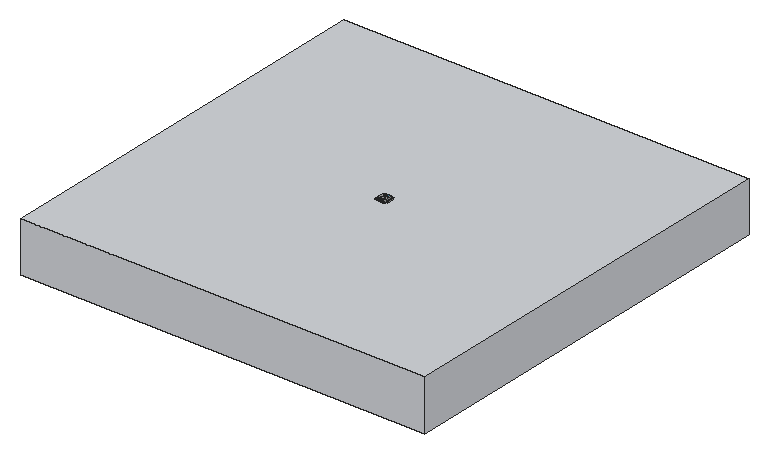
Revit family "2CKA001032A0490", category Elektroinstallationen, Revit 2017
Family settings
  Basisbauteil = Fläche
  Beschriftungsausrichtung beibehalten = Nein
  Bemaßung runder Anschluss = Durchmesser verwenden
  Teiletyp = Normal
  Beim Laden mit Abzugskörper schneiden = Nein
  Gemeinsam genutzt = Nein
  Raumberechnungspunkt = Nein
Parameters
  White = White
  URL = "https://www.busch-jaeger.de/"
  Typname = "El. Raumtemperaturregler UP, UP-Montagedosen und -Einsätze, Einsätze für Raumtemperaturregler"
  TYPE = "1097 UTA"
  Produktseite = "https://media.live.bim.site/t/eyJhbGciOiJIUzI1NiIsInR5cCI6IkpXVCJ9.eyJjdCI6MiwidHUiOiJodHRwOi8vYnVzY2gtamFlZ2VyLWthdGFsb2cuZGUvMTAzMi0wLTA0OTAsYXJ0aWtlbC5odG1sIiwiY2lkIjoiZmVkOThlOWEtMWJkOC00YzY4LWE3M2ItNzRhOTRlMzE1ODIzIiwicmlkIjoiYWIyODhiNGFiNDhjZWU3NGRjZmY4ZTI3MTMxYmRmMjIiLCJwaWQiOiI2NThiMjFjOTVkNjFjYjZmN2YyMzM3ZTRkZDA2MzVjNDdjNTc2YzY4Iiwic2lkIjoiNjM3MzIiLCJ1dCI6MSwibGMiOiJkZSIsImlhdCI6MTU4MjE5MzI4MCwiaXNzIjoiaHR0cHM6Ly9hcGkubGl2ZS5iaW0uc2l0ZSIsInN1YiI6ImY1ODZjNGI2LWE1MDgtNDI3YS05ODE4LTEzMTc5NjY1NzZiYyJ9.u4ep3vQoWyTFmsF0ziVisei5s9-ra9tUS_mE_x_6Lvw"
  Ist Zubehör = no
  Ist System = no
  Hersteller = "Busch-Jaeger"
  HeinzeBIM = "https://www.heinze.de/bim/el-raumtemperaturregler-up-up-montagedosen-und-einsaetze-einsaetze-fuer-raumtemperaturregler/658b21c95d61cb6f7f2337e4dd0635c47c576c68"
  HAN = "2CKA001032A0490"
  Glass = Glass
  Default Elevation = 1219.2 mm
  Gewicht [kg/m] = 0.12
  Gerätetiefe [mm] = 23
  Gerätehöhe [mm] = 54
  Gerätebreite [mm] = 54
  GTIN = "4011395078648"
  Datenblatt = "https://media.live.bim.site/t/eyJhbGciOiJIUzI1NiIsInR5cCI6IkpXVCJ9.eyJjdCI6MSwidGYiOiJwdWJsaWMvYnVzY2gtamFlZ2VyL2VhZjFmM2IvMkNLQTAwMTAzMkEwNDkwX1JPSFNfMjAxOV8xMF8wNy5wZGYiLCJjaWQiOiJmZWQ5OGU5YS0xYmQ4LTRjNjgtYTczYi03NGE5NGUzMTU4MjMiLCJyaWQiOiJhYjI4OGI0YWI0OGNlZTc0ZGNmZjhlMjcxMzFiZGYyMiIsInBpZCI6IjY1OGIyMWM5NWQ2MWNiNmY3ZjIzMzdlNGRkMDYzNWM0N2M1NzZjNjgiLCJzaWQiOiI2MzczMiIsInV0IjoxLCJsYyI6ImRlIiwiaWF0IjoxNTgyMTkzMjgwLCJpc3MiOiJodHRwczovL2FwaS5saXZlLmJpbS5zaXRlIiwic3ViIjoiZjU4NmM0YjYtYTUwOC00MjdhLTk4MTgtMTMxNzk2NjU3NmJjIn0.-lo-fh8l4DtTgtSXfYuM84iW9vGqF2yOJ0nGKzGP_lw/2CKA001032A0490_ROHS_2019_10_07.pdf"
  Beschreibung = "El. Raumtemperaturregler UP, UP-Montagedosen und -Einsätze, Einsätze für Raumtemperaturregler, El. Raumtemperaturregler UP Wechsler, Istwert-Anzeige Mit Temperaturanzeige IST-Wert Automatische Reglerkalibrierung Mit Spreizbefestigung Klasse des Temperaturreglers: 1 Beitrag zur Raumheizungsenergieeffizienz: 1,0%. Nennstrom: 5 A EN 60730-2-9, British Standard EN 60669-2-1"
  BIMSITE_PRODUCT_ID = "658b21c95d61cb6f7f2337e4dd0635c47c576c68"
  BIM = "https://media.live.bim.site/t/eyJhbGciOiJIUzI1NiIsInR5cCI6IkpXVCJ9.eyJjdCI6MSwidGYiOiJwdWJsaWMvYnVzY2gtamFlZ2VyL2VhZjFmM2IvMkNLQTAwMTAzMkEwNDkwLnJmYSIsImNpZCI6ImZlZDk4ZTlhLTFiZDgtNGM2OC1hNzNiLTc0YTk0ZTMxNTgyMyIsInJpZCI6ImFiMjg4YjRhYjQ4Y2VlNzRkY2ZmOGUyNzEzMWJkZjIyIiwicGlkIjoiNjU4YjIxYzk1ZDYxY2I2ZjdmMjMzN2U0ZGQwNjM1YzQ3YzU3NmM2OCIsInNpZCI6IjYzNzMyIiwidXQiOjUsImxjIjoiZGUiLCJpYXQiOjE1ODIxOTMyODAsImlzcyI6Imh0dHBzOi8vYXBpLmxpdmUuYmltLnNpdGUiLCJzdWIiOiJmNTg2YzRiNi1hNTA4LTQyN2EtOTgxOC0xMzE3OTY2NTc2YmMifQ.9eRQcChNqPPy3zF3U62dNP2gzum1_YwieIb2SscN2lg/2CKA001032A0490.rfa"
Reference planes
  plane 1 "Center (Front/Back)": y = 0
  plane 2: z = 0
  plane 3 "Center (Left/Right)": x = 0
Forms (mm)
  Extrusion 1, solid
    sketch origin (0, 0, 0) x (1, 0, 0) y (0, 1, 0)
      loop
        line (-1219.2, 1219.2) -> (-1219.2, -1219.2) -> (1219.2, -1219.2) -> (1219.2, 1219.2) -> (-1219.2, 1219.2)
    from 0 to -304.8
  Extrusion 2, solid, material "White" <- "White", detail levels medium
    sketch origin (0, 0, 0) x (1, 0, 0) y (0, 1, 0)
      loop
        line (35.4, 35.4) -> (-35.4, 35.4) -> (-35.4, -35.4) -> (35.4, -35.4) -> (35.4, 35.4)
    from 0 to 1
  Extrusion 3, solid, material "White" <- "White", detail levels medium+fine
    sketch origin (0, 0, 0) x (1, 0, 0) y (0, 1, 0)
      loop
        arc (-16, 26) -> (-23.071, 23.071) -> (-26, 16) r 10
        line (-26, 16) -> (-26, -16)
        arc (-26, -16) -> (-23.071, -23.071) -> (-16, -26) r 10
        line (-16, -26) -> (16, -26)
        arc (16, -26) -> (23.071, -23.071) -> (26, -16) r 10
        line (26, -16) -> (26, 16)
        arc (26, 16) -> (23.071, 23.071) -> (16, 26) r 10
        line (16, 26) -> (-16, 26)
    from 0 to -33
  Extrusion 4, solid, material "White" <- "White", detail levels fine
    sketch origin (0, 0, 0) x (1, 0, 0) y (0, 1, 0)
      loop
        arc (-25.4, -17.5) -> (-23.086, -23.086) -> (-17.5, -25.4) r 7.9
        line (-17.5, -25.4) -> (17.5, -25.4)
        arc (17.5, -25.4) -> (23.086, -23.086) -> (25.4, -17.5) r 7.9
        line (25.4, -17.5) -> (25.4, 18.213)
        arc (25.4, 18.213) -> (22.917, 23.139) -> (17.886, 25.4) r 8.251
        line (17.886, 25.4) -> (-17.5, 25.4)
        arc (-17.5, 25.4) -> (-23.086, 23.086) -> (-25.4, 17.5) r 7.9
        line (-25.4, 17.5) -> (-25.4, -17.5)
    from 10 to 0
  Extrusion 5, solid, material "White" <- "White", detail levels medium
    sketch origin (0, 0, 0) x (1, 0, 0) y (0, 1, 0)
      loop
        line (-25.4, -25.4) -> (25.4, -25.4) -> (25.4, 25.4) -> (-25.4, 25.4) -> (-25.4, -25.4)
    from 0 to 13
  Extrusion 6, solid, material "White" <- "White", detail levels coarse
    sketch origin (0, 0, 0) x (1, 0, 0) y (0, 1, 0)
      loop
        line (35.4, 35.4) -> (-35.4, 35.4) -> (-35.4, -35.4) -> (35.4, -35.4) -> (35.4, 35.4)
    from -33 to 13
  Extrusion 7, solid, material "White" <- "White", detail levels fine
    sketch origin (0, 0, 0) x (1, 0, 0) y (0, 1, 0)
      loop
        line (-20.65, 30.9) -> (-29.4, 30.9)
        arc (-29.4, 30.9) -> (-30.461, 30.461) -> (-30.9, 29.4) r 1.5
        line (-30.9, 29.4) -> (-30.9, 20.65)
        arc (-30.9, 20.65) -> (-31.339, 19.589) -> (-32.4, 19.15) r 1.5
        line (-32.4, 19.15) -> (-34.4, 19.15)
        arc (-34.4, 19.15) -> (-35.107, 18.857) -> (-35.4, 18.15) r 1
        line (-35.4, 18.15) -> (-35.4, -18.15)
        arc (-35.4, -18.15) -> (-35.107, -18.857) -> (-34.4, -19.15) r 1
        line (-34.4, -19.15) -> (-32.4, -19.15)
        arc (-32.4, -19.15) -> (-31.339, -19.589) -> (-30.9, -20.65) r 1.5
        line (-30.9, -20.65) -> (-30.9, -29.4)
        arc (-30.9, -29.4) -> (-30.461, -30.461) -> (-29.4, -30.9) r 1.5
        line (-29.4, -30.9) -> (-20.65, -30.9)
        arc (-20.65, -30.9) -> (-19.589, -31.339) -> (-19.15, -32.4) r 1.5
        line (-19.15, -32.4) -> (-19.15, -34.4)
        arc (-19.15, -34.4) -> (-18.857, -35.107) -> (-18.15, -35.4) r 1
        line (-18.15, -35.4) -> (18.15, -35.4)
        arc (18.15, -35.4) -> (18.857, -35.107) -> (19.15, -34.4) r 1
        line (19.15, -34.4) -> (19.15, -32.4)
        arc (19.15, -32.4) -> (19.589, -31.339) -> (20.65, -30.9) r 1.5
        line (20.65, -30.9) -> (29.4, -30.9)
        arc (29.4, -30.9) -> (30.461, -30.461) -> (30.9, -29.4) r 1.5
        line (30.9, -29.4) -> (30.9, -20.65)
        arc (30.9, -20.65) -> (31.339, -19.589) -> (32.4, -19.15) r 1.5
        line (32.4, -19.15) -> (34.4, -19.15)
        arc (34.4, -19.15) -> (35.107, -18.857) -> (35.4, -18.15) r 1
        line (35.4, -18.15) -> (35.4, 18.15)
        arc (35.4, 18.15) -> (35.107, 18.857) -> (34.4, 19.15) r 1
        line (34.4, 19.15) -> (32.4, 19.15)
        arc (32.4, 19.15) -> (31.339, 19.589) -> (30.9, 20.65) r 1.5
        line (30.9, 20.65) -> (30.9, 29.4)
        arc (30.9, 29.4) -> (30.461, 30.461) -> (29.4, 30.9) r 1.5
        line (29.4, 30.9) -> (20.65, 30.9)
        arc (20.65, 30.9) -> (19.589, 31.339) -> (19.15, 32.4) r 1.5
        line (19.15, 32.4) -> (19.15, 34.4)
        arc (19.15, 34.4) -> (18.857, 35.107) -> (18.15, 35.4) r 1
        line (18.15, 35.4) -> (-18.15, 35.4)
        arc (-18.15, 35.4) -> (-18.857, 35.107) -> (-19.15, 34.4) r 1
        line (-19.15, 34.4) -> (-19.15, 32.4)
        arc (-19.15, 32.4) -> (-19.589, 31.339) -> (-20.65, 30.9) r 1.5
      loop
        arc (3.317, 28.055) -> (6.689, 26.473) -> (9.002, 29.394) r 3
        arc (9.002, 29.394) -> (7.148, 32.166) -> (3.878, 31.512) r 3
        arc (3.878, 31.512) -> (-1.253, 31.725) -> (-6.352, 31.108) r 31.75
        arc (-6.352, 31.108) -> (-7.716, 29.043) -> (-5.651, 27.679) r 1.75
        arc (-5.651, 27.679) -> (-1.182, 28.225) -> (3.317, 28.055) r 28.25
      loop
        arc (-3.317, -28.055) -> (-8.963, -28.913) -> (-3.878, -31.512) r 3
        arc (-3.878, -31.512) -> (1.253, -31.725) -> (6.352, -31.108) r 31.75
        arc (6.352, -31.108) -> (7.357, -30.5) -> (7.752, -29.394) r 1.75
        arc (7.752, -29.394) -> (7.108, -28.038) -> (5.651, -27.679) r 1.75
        arc (5.651, -27.679) -> (1.182, -28.225) -> (-3.317, -28.055) r 28.25
      loop
        arc (-28.055, 3.317) -> (-27.815, 8.553) -> (-32.394, 6.002) r 3
        arc (-32.394, 6.002) -> (-32.165, 4.852) -> (-31.512, 3.878) r 3
        arc (-31.512, 3.878) -> (-31.725, -1.253) -> (-31.108, -6.352) r 31.75
        arc (-31.108, -6.352) -> (-29.043, -7.716) -> (-27.679, -5.651) r 1.75
        arc (-27.679, -5.651) -> (-28.225, -1.182) -> (-28.055, 3.317) r 28.25
      loop
        arc (28.055, -3.317) -> (27.815, -8.553) -> (32.394, -6.002) r 3
        arc (32.394, -6.002) -> (32.165, -4.852) -> (31.512, -3.878) r 3
        arc (31.512, -3.878) -> (31.691, -1.942) -> (31.75, 0) r 31.75
        arc (31.75, 0) -> (31.589, 3.192) -> (31.108, 6.352) r 31.75
        arc (31.108, 6.352) -> (29.043, 7.716) -> (27.679, 5.651) r 1.75
        arc (27.679, 5.651) -> (28.107, 2.84) -> (28.25, 0) r 28.25
        arc (28.25, 0) -> (28.201, -1.661) -> (28.055, -3.317) r 28.25
    from 0 to 1
  Extrusion 8, solid, material "Glass", detail levels fine
    sketch origin (0, 0, 0) x (1, 0, 0) y (0, 1, 0)
      loop
        line (-11, 22) -> (-11, 12) -> (11, 12) -> (11, 22) -> (-11, 22)
    from 10 to 13
  Extrusion 9, solid, material "White", detail levels fine
    sketch origin (0, 0, 0) x (1, 0, 0) y (0, 1, 0)
      loop
        circle (0, -14.195) r 10
    from 10 to 11
Lines and regions (mm)
  model lines, detail levels medium
    curve 1: arc (10, -14.195, 13) -> (0, -4.195, 13) -> (-10, -14.195, 13) r 10
    curve 2: arc (-10, -14.195, 13) -> (0, -24.195, 13) -> (10, -14.195, 13) r 10
    curve 3: line (11, 12, 13) -> (11, 22, 13)
    curve 4: line (11, 22, 13) -> (-11, 22, 13)
    curve 5: line (-11, 22, 13) -> (-11, 12, 13)
    curve 6: line (-11, 12, 13) -> (11, 12, 13)
  reference lines
    curve 7: line (0, 35.4, 0) -> (0, -35.4, 0)
Dimensions and locks
  aligned and locked: plane 2 to Extrusion 1
  aligned and locked: level to Extrusion 1
Connectors
  electrical at (0, 0, -33)
    settings: on Extrusion 6, index 1, voltage 230 V, apparent load 0 VA, apparent load phase1 0 VA, apparent load phase2 0 VA, apparent load phase3 0 VA, power factor 1, load classification "Other", number of poles 1, system type 30, power factor state 1, is connector primary yes, connector utility no, sub classification motor no, connector description ""
